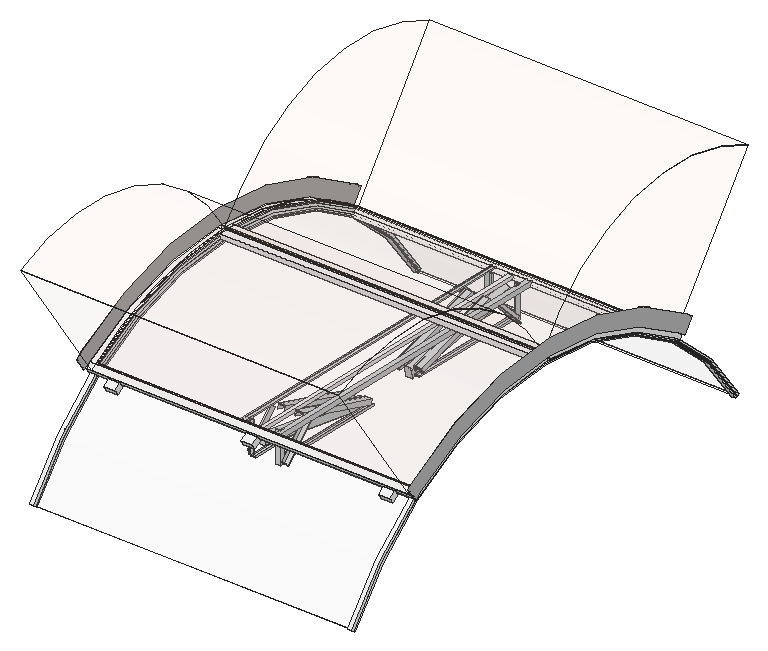
Revit family "Aluco Fire SL 2P (HI) (en)", category Generic Models, Revit 2020 (continued)
Definition of nested family "Double-leaf damper actuator 2"
  Lines and regions (mm)
    reference lines
      curve 7: line (41.93, 0, -77) -> (1060.8, 0, -250)
      curve 9: line (864.842, -54.464, -192.156) -> (265, -54.464, -15.092)
      curve 11: line (864.842, 55.536, -192.156) -> (265, 55.536, -15.092)
    sketch lines
      curve 3: line (87.677, -98.752, -199.873) -> (260.918, -98.752, -26.632)
      curve 4: line (87.677, 98, -199.873) -> (260.918, 98, -26.632)
      curve 5: line (50.727, 63, -200.156) -> (817.931, 63, -200.156)
      curve 6: line (87.931, -63, -200.156) -> (817.931, -63, -200.156)
      curve 8: line (41.93, 0, -77) -> (808.69, 0, -207.193)
      curve 10: line (802.089, -54.464, -173.632) -> (265, -54.464, -15.092)
      curve 12: line (802.089, 55.536, -173.632) -> (265, 55.536, -15.092)
  Dimensions and locks
    "Długość prowadnic": plane 8 to plane 3 "Środek (Lewa/Prawa)"
    locked: plane 2 to plane 4 at 200
    equal spacing: plane 5, plane 1 "Środek (Przód/Tył)", plane 6
    locked: plane 5 to plane 6 at 250
    locked: plane 9 to plane 11 at 20
    locked: plane 12 to plane 10 at 20
    equal spacing: plane 11, plane 1 "Środek (Przód/Tył)", plane 12, locked at 78 each
    plane 17 to plane 19 = 400 mm
    aligned and locked: plane 2 to Extrusion 1
    aligned and locked: level to Extrusion 1
    aligned and locked: plane 5 to curve 1
    aligned and locked: plane 20 to Sweep 3
    aligned and locked: plane 20 to Sweep 2
    aligned and locked: plane 22 to curve 7
    aligned and locked: plane 24 to curve 9
    aligned and locked: curve 9 to Sweep 7
  Automatic sketch dimensions
    Extrusion 1 sketch curve to Extrusion 1 sketch curve = 2438.4 mm  (x2)
    curve 7 to plane 16 = 0 mm
    curve 7 to plane 15 = 0 mm
    plane 23 to curve 7 = 0.084 mm
    curve 1 to level = 0 mm
    curve 1 to plane 3 "Środek (Lewa/Prawa)" = 0 mm
    plane 8 to curve 1 = 0 mm
    curve 2 to level = 0 mm
    curve 2 to plane 3 "Środek (Lewa/Prawa)" = 0 mm
    plane 8 to curve 2 = 0 mm
    plane 25 to curve 9 = 0 mm
    plane 4 to curve 9 = 7.844 mm
    curve 9 to level = 15.092 mm
    plane 24 to curve 11 = 0 mm
    plane 25 to curve 11 = 0 mm
    plane 4 to curve 11 = 7.844 mm
    curve 11 to level = 15.092 mm
    Sweep 2 sketch curve to plane 4 = 0 mm
    Sweep 2 sketch curve to level = 0 mm
    Sweep 2 sketch curve to plane 20 = 13 mm
    profile plane to Sweep 2 sketch curve = 0 mm
    Sweep 2 sketch curve to profile plane = 3 mm
    Sweep 2 sketch curve to Sweep 2 sketch curve = 24 mm
    profile plane to Sweep 2 sketch curve = 13 mm
    Sweep 2 sketch curve to Sweep 2 sketch curve = 3 mm
    Sweep 2 sketch curve to profile plane = 14 mm
    Sweep 3 sketch curve to plane 4 = 0 mm
    Sweep 3 sketch curve to level = 0 mm
    Sweep 3 sketch curve to plane 20 = 13 mm
    Sweep 3 sketch curve to profile plane = 0 mm
    Sweep 3 sketch curve to profile plane = 3 mm
    Sweep 3 sketch curve to Sweep 3 sketch curve = 24 mm
    profile plane to Sweep 3 sketch curve = 14 mm
    Sweep 3 sketch curve to profile plane = 10 mm
    Sweep 3 sketch curve to Sweep 3 sketch curve = 3 mm
    profile plane to Sweep 4 sketch curve = 0 mm
    profile plane to Sweep 4 sketch curve = 0.18 mm
    Sweep 4 sketch curve to profile plane = 2.82 mm
    Sweep 4 sketch curve to Sweep 4 sketch curve = 27 mm  (x2)
    Sweep 4 sketch curve to Sweep 4 sketch curve = 3 mm
    Sweep 5 sketch curve to profile plane = 0 mm
    profile plane to Sweep 5 sketch curve = 3 mm
    profile plane to Sweep 5 sketch curve = 29.82 mm
    profile plane to Sweep 5 sketch curve = 2.82 mm
    Sweep 5 sketch curve to profile plane = 0.18 mm
    Sweep 5 sketch curve to Sweep 5 sketch curve = 27 mm
    Sweep 6 sketch curve to profile plane = 0 mm  (x2)
    profile plane to Sweep 6 sketch curve = 1.5 mm
    Sweep 6 sketch curve to Sweep 6 sketch curve = 6.5 mm  (x2)
    Sweep 6 sketch curve to profile plane = 13.5 mm
    Sweep 6 sketch curve to Sweep 6 sketch curve = 1.5 mm  (x2)
    profile plane to Sweep 6 sketch curve = 13.5 mm
    profile plane to Sweep 7 sketch curve = 0.001 mm
    Sweep 7 sketch curve to profile plane = 1.5 mm
    Sweep 7 sketch curve to Sweep 7 sketch curve = 6.499 mm
    Sweep 7 sketch curve to Sweep 7 sketch curve = 6.5 mm
    Sweep 7 sketch curve to profile plane = 15 mm
    Sweep 7 sketch curve to Sweep 7 sketch curve = 1.483 mm
    profile plane to Sweep 7 sketch curve = 13.5 mm
    Sweep 7 sketch curve to Sweep 7 sketch curve = 1.5 mm
    Sweep 8 sketch curve to profile plane = 0 mm  (x2)
    profile plane to Sweep 8 sketch curve = 26.036 mm
    Sweep 8 sketch curve to Sweep 8 sketch curve = 3.536 mm  (x4)
    Sweep 8 sketch curve to profile plane = 7.692 mm
    Sweep 8 sketch curve to profile plane = 22.5 mm  (x2)
    Sweep 8 sketch curve to Sweep 8 sketch curve = 20 mm
    profile plane to Sweep 9 sketch curve = 15.421 mm
    Sweep 9 sketch curve to Sweep 9 sketch curve = 3 mm  (x3)
    Sweep 9 sketch curve to profile plane = 11.579 mm  (x2)
    Sweep 9 sketch curve to profile plane = 23.536 mm
    profile plane to Sweep 9 sketch curve = 20.536 mm
    profile plane to Sweep 10 sketch curve = 15.421 mm
    Sweep 10 sketch curve to Sweep 10 sketch curve = 3 mm  (x3)
    Sweep 10 sketch curve to profile plane = 11.579 mm  (x2)
    Sweep 10 sketch curve to profile plane = 23.536 mm
    profile plane to Sweep 10 sketch curve = 20.536 mm
Types (6, lengths in mm): name | Power supply | Drive type | Economic system | Bridge-free system | Installation | Model | Type Comments
  economical system with pneumatic drive | 0 V | "pneumatic drive" | yes | no | "in barrel vault continuous skylights ALUCO SKYLIGHT" | "FIRE SL 2P" | "Smoke damper in a economical system"
  bridge-free system with pneumatic drive | 0 V | "pneumatic drive" | no | yes | "in barrel vault continuous skylights ALUCO SKYLIGHT or ALUCO SKYLIGHT THERM" | "FIRE SL 2P (HI)" | "Smoke damper in a bridge-free system with increased thermal insulation"
  bridge-free system with electric drive | 230 V | "electric drive" | no | yes | "in barrel vault continuous skylights ALUCO SKYLIGHT or ALUCO SKYLIGHT THERM" | "FIRE SL 2P (HI)" | "Smoke damper in a bridge-free system with increased thermal insulation"
  economical system with electric drive | 230 V | "electric drive" | no | yes | "in barrel vault continuous skylights ALUCO SKYLIGHT or ALUCO SKYLIGHT THERM" | "FIRE SL 2P (HI)" | "Smoke damper in a economical system"
  economical system with pneumatic-electric drive | 230 V | "pneumatic-electric drive" | no | yes | "in barrel vault continuous skylights ALUCO SKYLIGHT or ALUCO SKYLIGHT THERM" | "FIRE SL 2P (HI)" | "Smoke damper in a economical system"
  bridge-free system with pneumatic-electric drive | 230 V | "pneumatic-electric drive" | no | yes | "in barrel vault continuous skylights ALUCO SKYLIGHT or ALUCO SKYLIGHT THERM" | "FIRE SL 2P (HI)" | "Smoke damper in a bridge-free system with increased thermal insulation"
